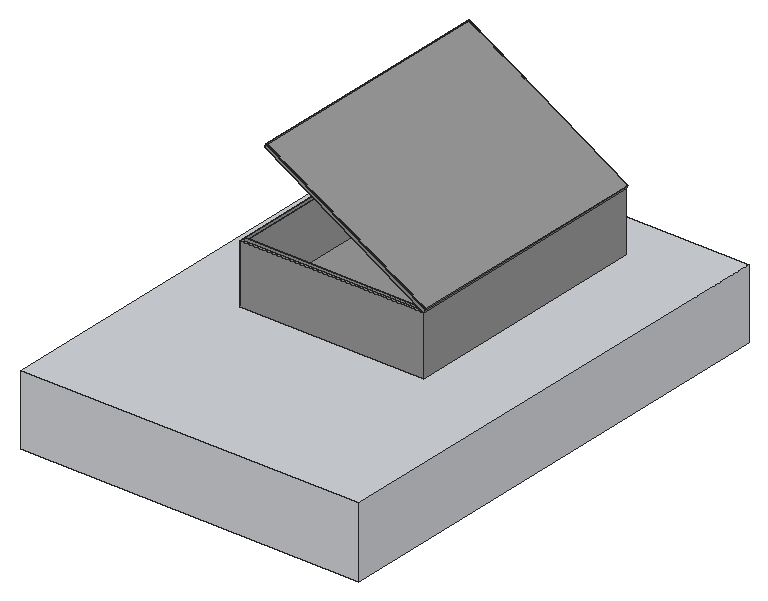
Revit family "Hager-Univers-IP55-D275-H1100-Cl.II-Steel_encl-BE-fr", category Equipement électrique, Revit 2020
Family settings
  Hôte = Face
  Configuration du panneau = Deux colonnes, circuits au sein
  Cote de connecteur circulaire = Utiliser le diamètre
  Type d'élément = Tableau de raccordement
  Couper avec des vides une fois chargée = Non
  Partagée = Non
  Point de calcul de pièce = Non
Parameters (values of type "saillie IP55 L800 H1100 P275  - FR73S")
  Width Control [instance] = if([EF000008 - largeur] > Min Width, [EF000008 - largeur], Min Width)  # 800 mm
  Commentaires du type = [HG000003 - Gamme]  # "Univers"
  Thickness Door [instance] = if([EF009171 - épaisseur de matériau de la porte/du couvercle] > 3 mm, 3 mm, [EF009171 - épaisseur de matériau de la porte/du couvercle])  # 1.5 mm
  Seal Frame Offset [instance] = 17 mm  # constant formula
  Plinth Visibility [instance] = [HG000027 - Hauteur du socle] > 0 mm  # no
  Model = ""
  Min Width [instance] = 100 mm  # constant formula
  Min Height [instance] = 100 mm  # constant formula
  Min Depth [instance] = (2 * [EF009170 - épaisseur de matériau du boîtier]) + 1 mm  # 4 mm
  Internal Frame Depth [instance] = (Door System Depth * 0.5)  # 9 mm
  Height Control [instance] = if([EF000040 - hauteur] > Min Height, [EF000040 - hauteur], Min Height)  # 1100 mm
  HG000027 - Hauteur du socle = 0 mm
  HG000026 - Installation au sol = no
  HG000024 - Hauteur de la section basse = 800 mm
  HG000023 - Armoire double section = no
  HG000016 - Visibilité de la porte 3D [instance] = yes
  HG000015 - Visibilité de l'emprise de la porte [instance] = no
  HG000014 - Porte à droite [instance] = yes
  HG000013 - Porte à gauche [instance] = not([HG000014 - Porte à droite])  # no
  HG000012 - Angle de pivotement de la porte [instance] = 30.00°
  HG000010 - Portes asymétriques = no
  HG000009 - Porte à double battant = no
  HG000006 - Encastré = no
  HG000004 - Référence fabricant = "FR73S"
  HG000003 - Gamme = "Univers"
  HG000002 - avec porte = yes
  Frame Offset Bottom [instance] = 10 mm  # constant formula
  Frame Offset [instance] = 15 mm  # constant formula
  EF015940 - couvercle avec décharge de pression = no
  EF011959 - degré de protection (NEMA) = ""
  EF009554 - nombre d'ouvertures pour plaques à bride = 6
  Fabricant = "Hager"  # constant formula
  EF009212 - finition du couvercle = "EV000116 - fermé"
  EF009171 - épaisseur de matériau de la porte/du couvercle = 1.5 mm
  EF009170 - épaisseur de matériau du boîtier = 1.5 mm
  EF008873 - courant nominal (In) = 800 A
  EF007800 - adapté à un parafoudre = no
  EF006306 - avec serrure = no
  EF006244 - couvercle/porte transparent(e) = no
  EF005474 - indice de protection (IP) = "EV006420 - IP55"
  EF004464 - type de porte = "EV002646 - unique"
  EF004427 - nombre de modules = 252
  EF004293 - indice de protection contre les chocs (IK) = "EV008784 - IK10"
  EF003532 - convient pour utilisation à l’extérieur = no
  EF002950 - largeur en nombre de modules = 24
  EF001613 - maintien de fonction = "EV000494 - sans"
  EF001596 - matériau du boîtier/corps = "EV000179 - acier"
  EF001131 - profondeur intérieure = 275 mm
  EF001088 - possibilité de montage en saillie = yes
  EF000437 - nombre d'entrées de conduit = 6
  EF000339 - type de capot = "EV004216 - porte"
  EF000266 - nombre de rangées = 7
  EF000218 - profondeur d'encastrement = 0 mm
  EF000118 - avec cadre/support de montage = no
  EF000116 - numéro RAL = "7035"
  EF000049 - profondeur = 275 mm
  EF000040 - hauteur = 1100 mm
  EF000008 - largeur = 800 mm
  EF000007 - couleur = "EV000270 - gris"
  EF000003 - mode de pose = "EV000384 - saillie"
  Door System Leaf Tolerance [instance] = 1.5 mm  # constant formula
  Door System Depth [instance] = 18 mm  # constant formula
  Door Height [instance] = Height Control - [HG000027 - Hauteur du socle]  # 1100 mm
  Depth Control [instance] = if([EF000049 - profondeur] > Min Depth, [EF000049 - profondeur], Min Depth)  # 275 mm
  Default Elevation = 0 mm
  Connector Offset [instance] = Height Control / 2  # 550 mm
  Bottom Top Plate Trim [instance] = 1.5 mm  # constant formula
  Plinth height Ctrl [instance] = if([HG000027 - Hauteur du socle] > 0 mm, [HG000027 - Hauteur du socle], 12 mm)  # 12 mm
Types (5, lengths in mm): name | Width Control | HG000010 - Portes asymétriques | HG000009 - Porte à double battant | HG000004 - Référence fabricant | EF009554 - nombre d'ouvertures pour plaques à bride | EF004464 - type de porte | EF004427 - nombre de modules | EF000437 - nombre d'entrées de conduit | EF000008 - largeur
  saillie IP55 L1050 H1100 P275  - FR74S | 1050 | no | yes | "FR74S" | 8 | "EV003602 - double" | 336 | 8 | 1050
  saillie IP55 L1300 H1100 P275  - FR75S | 1300 | yes | yes | "FR75S" | 10 | "EV003602 - double" | 420 | 10 | 1300
  saillie IP55 L300 H1100 P275  - FR71S | 300 | no | no | "FR71S" | 2 | "EV002646 - unique" | 84 | 2 | 300
  saillie IP55 L550 H1100 P275  - FR72S | 550 | no | no | "FR72S" | 4 | "EV002646 - unique" | 168 | 4 | 550
  saillie IP55 L800 H1100 P275  - FR73S | 800 | no | no | "FR73S" | 6 | "EV002646 - unique" | 252 | 6 | 800
Reference planes
  plane 1 "Center (Front/Back)": y = 0
  plane 2: z = 0
  plane 3 "Center (Left/Right)": x = 0
  plane 4: z = 275
  plane 5: y = 1.5
  plane 6: y = 550
  plane 7: y = 0
  plane 8: y = 1100
  plane 9: z = 0
  plane 10: x = -385
  plane 11: x = 385
  plane 12: x = 383.5
  plane 13: x = -383.5
  plane 14: y = 1098.5
  plane 15: x = -383
  plane 16: x = -400
  plane 17: x = 383
  plane 18: x = 400
  plane 19: x = 398.5
  plane 20: x = -398.5
  plane 21: y = 11.5
  plane 22: y = 1100
  plane 23: y = 1083.5
  plane 24: z = 257
  plane 25: z = 1.5
  plane 26: z = 255.5
  plane 27: z = 273.5
Forms (mm)
  Extrusion 1, solid
    sketch origin (0, 0, 0) x (1, 0, 0) y (0, 1, 0)
      loop
        line (-702.964, 1305) -> (-702.964, -811.445) -> (766.763, -811.445) -> (766.763, 1305) -> (-702.964, 1305)
    from 0 to -304.8
  Extrusion 2, solid, material "Hager_Steel_RAL7035_Light_Grey", visible <- "Plinth Visibility", detail levels medium+fine
    sketch origin (0, 0, 0) x (1, 0, 0) y (0, 1, 0)
      loop
        line (-400, 0) -> (400, 0) -> (400, 12) -> (-400, 12) -> (-400, 0)
    from 0 to 257
  Extrusion 3, solid, material "Hager_Steel_RAL7035_Light_Grey", detail levels medium+fine
    sketch origin (0, 0, 0) x (1, 0, 0) y (0, 1, 0)
      loop
        line (-400, 0) -> (400, 0) -> (400, 1100) -> (-400, 1100) -> (-400, 0)
    from 0 to 257
  Extrusion 4, void
    sketch origin (0, 0, 0) x (1, 0, 0) y (0, 1, 0)
      loop
        line (-398.5, 1.5) -> (398.5, 1.5) -> (398.5, 1098.5) -> (-398.5, 1098.5) -> (-398.5, 1.5)
    from 1.5 to 255.5
  Extrusion 5, void
    sketch origin (-381.607, -4572, 257) x (0, -1, 0) y (-1, 0, 0)
      loop
        line (-4583.5, 1.893) -> (-5655.5, 1.893) -> (-5655.5, -765.107) -> (-4583.5, -765.107) -> (-4583.5, 1.893)
    from 0 to 1.5 <- "EF009170 - épaisseur de matériau du boîtier"
  Extrusion 6, solid, material "Hager_Steel_RAL7035_Light_Grey", detail levels fine
    sketch origin (0, 0, 257) x (1, 0, 0) y (0, 1, 0)
      loop
        line (-383.5, 1083.5) -> (-383.5, 11.5) -> (383.5, 11.5) -> (383.5, 1083.5) -> (-383.5, 1083.5)
      loop
        line (-385, 10) -> (385, 10) -> (385, 1085) -> (-385, 1085) -> (-385, 10)
    from 0 to 9 <- "Internal Frame Depth"
  Extrusion 7, solid, material "Hager_Steel_RAL7035_Light_Grey", detail levels coarse
    sketch origin (0, 0, 0) x (1, 0, 0) y (0, 1, 0)
      loop
        line (-400, 0) -> (400, 0) -> (400, 1100) -> (-400, 1100) -> (-400, 0)
    from 0 to 275
  Sweep 8, void
    path in 3D
      loop
        line (-400, 12, 0) -> (400, 12, 0) -> (400, 12, 257) -> (-400, 12, 257) -> (-400, 12, 0)
    profile origin (-400, 12, 128.5) x (-1, 0, 0) y (0, -1, 0)
      loop
        line (0, 0) -> (0, 1.5) -> (-1.5, 1.5)
        arc (-1.5, 1.5) -> (-1.061, 0.439) -> (0, 0) r 1.5
Cuts and joins
  Extrusion 4, Extrusion 5 cuts Extrusion 3
  Sweep 8 cuts Extrusion 2
Lines and regions (mm)
  Masking region 1
    outline origin (0, 0, 0) x (1, 0, 0) y (0, 0, 1)
      loop
        line (-400, 275) -> (-400, 0) -> (400, 0) -> (400, 275) -> (-400, 275)
  Masking region 2, detail levels medium+fine
    outline origin (0, 140, 0) x (0, 1, 0) y (0, 0, 1)
      loop
        line (-140, 0) -> (960, 0) -> (960, 257) -> (-140, 257) -> (-140, 0)
  Masking region 3, not visible, detail levels medium+fine
    outline origin (0, 297.922, 0) x (0, 1, 0) y (0, 0, 1)
      loop
        line (263.578, 0) -> (303.578, 0) -> (303.578, 263.5)
        arc (303.578, 263.5) -> (300.649, 270.571) -> (293.578, 273.5) r 10
        line (293.578, 273.5) -> (263.578, 273.5) -> (263.578, 0)
  Masking region 4, detail levels coarse
    outline origin (0, 0, 180) x (0, 1, 0) y (0, 0, 1)
      loop
        line (0, -180) -> (1100, -180) -> (1100, 95) -> (0, 95) -> (0, -180)
  Masking region 5, visible <- "Plinth Visibility", detail levels medium+fine
    outline origin (0, 52.24, 12.345) x (0, 0, -1) y (0, 1, 0)
      loop
        line (10.845, -40.24) -> (-243.155, -40.24)
        arc (-243.155, -40.24) -> (-243.594, -41.301) -> (-244.655, -41.74) r 1.5
        line (-244.655, -41.74) -> (-244.655, -52.24) -> (12.345, -52.24) -> (12.345, -41.74)
        arc (12.345, -41.74) -> (11.285, -41.301) -> (10.845, -40.24) r 1.5
  Masking region 6, detail levels medium+fine
    outline origin (-381.607, -4572, 257) x (-1, 0, 0) y (0, -1, 0)
      loop
        line (18.393, -5672) -> (18.393, -4572) -> (-781.607, -4572) -> (-781.607, -5672) -> (18.393, -5672)
  Masking region 7, visible <- "Plinth Visibility", detail levels medium+fine
    outline origin (-381.607, -4727, 257) x (-1, 0, 0) y (0, -1, 0)
      loop
        arc (16.893, -4739) -> (17.332, -4737.939) -> (18.393, -4737.5) r 1.5
        line (18.393, -4737.5) -> (18.393, -4727) -> (-781.607, -4727) -> (-781.607, -4737.5)
        arc (-781.607, -4737.5) -> (-780.546, -4737.939) -> (-780.107, -4739) r 1.5
        line (-780.107, -4739) -> (16.893, -4739)
  Masking region 8, detail levels coarse
    outline origin (-442.548, -4669.526, 257) x (-1, 0, 0) y (0, -1, 0)
      loop
        line (-42.548, -5769.526) -> (-42.548, -4669.526) -> (-842.548, -4669.526) -> (-842.548, -5769.526) -> (-42.548, -5769.526)
  sketch lines
    curve 1: line (-400, 12, 257) -> (-400, 12, 0)
    curve 2: line (400, 12, 257) -> (-400, 12, 257)
    curve 3: line (400, 12, 257) -> (400, 12, 0)
    curve 4: line (-400, 12, 0) -> (400, 12, 0)
Dimensions and locks
  "Depth Control": plane 4 to Extrusion 1
  "HG000027 - Hauteur du socle": plane 1 "Center (Front/Back)" to plane 7
  "EF009170 - épaisseur de matériau du boîtier": plane 5 to plane 7
  locked: connector elem to plane 3 "Center (Left/Right)"
  equal spacing: plane 8, plane 6, plane 7
  locked: connector elem to plane 6
  "EF009170 - épaisseur de matériau du boîtier": plane 8 to plane 14
  "EF009170 - épaisseur de matériau du boîtier": plane 10 to plane 13
  "EF009170 - épaisseur de matériau du boîtier": plane 12 to plane 11
  "Frame Offset": plane 20 to plane 13
  "Frame Offset": plane 12 to plane 19
  "EF009170 - épaisseur de matériau du boîtier": plane 16 to plane 20
  "EF009170 - épaisseur de matériau du boîtier": plane 19 to plane 18
  "Seal Frame Offset": plane 16 to plane 15
  "Seal Frame Offset": plane 17 to plane 18
  "Frame Offset Bottom": plane 21 to plane 5
  "Frame Offset": plane 14 to plane 23
  equal spacing: plane 16, plane 3 "Center (Left/Right)", plane 18
  "Width Control": plane 16 to plane 18
  "EF009170 - épaisseur de matériau du boîtier": plane 4 to plane 27
  "EF009170 - épaisseur de matériau du boîtier": plane 24 to plane 26
  "EF009170 - épaisseur de matériau du boîtier": plane 25 to level
  "Door System Depth": plane 4 to plane 24
  "Height Control": plane 1 "Center (Front/Back)" to Extrusion 7 sketch curve
  "Height Control": Masking region 4 sketch curve to plane 1 "Center (Front/Back)"
  "Height Control": plane 1 "Center (Front/Back)" to plane 22
  "Bottom Top Plate Trim": profile plane to Sweep 8 sketch curve
  "Bottom Top Plate Trim": Sweep 8 sketch curve to profile plane
  "Plinth height Ctrl": plane 1 "Center (Front/Back)" to Extrusion 2 sketch curve
  "Plinth height Ctrl": Masking region 5 sketch curve to plane 1 "Center (Front/Back)"
  "Plinth height Ctrl": plane 1 "Center (Front/Back)" to Masking region 7 sketch curve
  "Thickness Door": Extrusion 6 sketch curve to Extrusion 6 sketch curve  (x3)
  "Thickness Door": cut or joined group of Extrusion 3, Extrusion 4, Extrusion 5 to Extrusion 6 sketch curve
  radius of Masking region 3 sketch curve = 10 mm
  "Bottom Top Plate Trim": radius of Masking region 5 sketch curve  (x2)
  "Bottom Top Plate Trim": radius of Sweep 8 sketch curve
  "Bottom Top Plate Trim": radius of Masking region 7 sketch curve  (x2)
  aligned and locked: plane 2 to Extrusion 1
  aligned and locked: level to Extrusion 1
  aligned and locked: level to Masking region 1 sketch curve
  aligned and locked: Masking region 1 sketch curve to plane 18
  aligned and locked: Masking region 1 sketch curve to plane 16
  aligned and locked: plane 7 to Masking region 2 sketch curve
  aligned and locked: level to Masking region 3 sketch curve
  aligned and locked: Masking region 3 sketch curve to plane 27
  aligned and locked: level to Masking region 2 sketch curve
  aligned and locked: plane 1 "Center (Front/Back)" to Extrusion 2 sketch curve
  aligned and locked: Extrusion 3 sketch curve to plane 7
  aligned and locked: plane 16 to Extrusion 3 sketch curve
  aligned and locked: plane 18 to Extrusion 3 sketch curve
  aligned and locked: plane 20 to Extrusion 4 sketch curve
  aligned and locked: plane 19 to Extrusion 4 sketch curve
  aligned and locked: Extrusion 4 sketch curve to plane 5
  aligned and locked: Extrusion 4 to plane 25
  aligned and locked: plane 26 to Extrusion 4
  aligned and locked: plane 24 to Extrusion 3
  aligned and locked: Extrusion 5 sketch curve to plane 21
  aligned and locked: Extrusion 5 sketch curve to plane 13
  aligned and locked: Extrusion 5 sketch curve to plane 12
  aligned and locked: plane 18 to Extrusion 7 sketch curve
  aligned and locked: plane 1 "Center (Front/Back)" to Extrusion 7 sketch curve
  aligned and locked: plane 16 to Extrusion 7 sketch curve
  aligned and locked: plane 4 to Extrusion 7
  aligned and locked: Extrusion 7 to level
  aligned and locked: level to Masking region 4 sketch curve
  aligned and locked: Masking region 4 sketch curve to plane 1 "Center (Front/Back)"
  aligned and locked: Masking region 4 sketch curve to plane 4
  aligned and locked: nested 1 to level
  aligned and locked: nested 1 to plane 16
  aligned and locked: plane 8 to Extrusion 3 sketch curve
  aligned and locked: plane 23 to Extrusion 5 sketch curve
  aligned and locked: plane 14 to Extrusion 4 sketch curve
  aligned and locked: Masking region 2 sketch curve to plane 8
  aligned and locked: level to Masking region 5 sketch curve
  aligned and locked: plane 16 to Extrusion 2 sketch curve
  aligned and locked: plane 18 to Extrusion 2 sketch curve
  aligned and locked: Masking region 5 sketch curve to plane 24
  aligned and locked: Masking region 2 sketch curve to plane 24
  aligned and locked: plane 24 to Extrusion 2
  aligned and locked: profile plane to Sweep 8 sketch curve  (x2)
  aligned and locked: Masking region 6 sketch curve to plane 18
  aligned and locked: Masking region 6 sketch curve to plane 22
  aligned and locked: Masking region 6 sketch curve to plane 16
  aligned and locked: plane 8 to plane 22
  aligned and locked: Masking region 6 sketch curve to plane 7
  aligned and locked: Masking region 7 sketch curve to plane 16
  aligned and locked: Masking region 7 sketch curve to plane 1 "Center (Front/Back)"
  aligned and locked: Masking region 7 sketch curve to plane 18
  aligned and locked: Masking region 8 sketch curve to plane 1 "Center (Front/Back)"
  aligned and locked: Masking region 8 sketch curve to plane 18
  aligned and locked: Masking region 8 sketch curve to plane 22
  aligned and locked: Masking region 8 sketch curve to plane 16
  aligned and locked: nested 2 to plane 7
  aligned and locked: plane 3 "Center (Left/Right)" to nested 2
  aligned and locked: nested 2 to plane 24
  aligned and locked: Extrusion 6 sketch curve to cut or joined group of Extrusion 3, Extrusion 4, Extrusion 5  (x4)
Automatic sketch dimensions
  Extrusion 1 sketch curve to Extrusion 1 sketch curve = 1469.727 mm
  Extrusion 1 sketch curve to Extrusion 1 sketch curve = 2116.445 mm
  Masking region 1 sketch curve to plane 4 = 0 mm
  plane 6 to Masking region 3 sketch curve = 11.5 mm
  Masking region 3 sketch curve to Masking region 3 sketch curve = 30 mm
  Masking region 5 sketch curve to plane 1 "Center (Front/Back)" = 0 mm
Nested families
  nested 1: "Hager_Enclosure_Symbol" at (-400, 0, 0) x (1, 0, 0) z (0, -1, 0), Height <- "Depth Control", Width <- "Width Control", type "Hager_Enclosure_Symbol"
    with Width_Ctrl 800 mm, Width 800 mm, Height_Ctrl 275 mm, Height 275 mm, A_Width_Int 18.047 mm, A_Width 216.562 mm, A_Height_Ctrl 240.625 mm, A_Height 240.625 mm
  nested 2: "EC000058_Univers_Door" at (0, 0, 257) x (1, 0, 0) z (0, 1, 0), Leaf_Tolerance <- "Door System Leaf Tolerance", Angle <- "HG000012 - Angle de pivotement de la porte", Door_Depth <- "Door System Depth", Door_Left <- "HG000013 - Porte à gauche", Transparent <- "EF006244 - couvercle/porte transparent(e)", Assymetrical <- "HG000010 - Portes asymétriques", Width <- "Width Control", Clearance <- "HG000015 - Visibilité de l'emprise de la porte", Double <- "HG000009 - Porte à double battant", 3d_Door <- "HG000016 - Visibilité de la porte 3D", Lock_Visibility <- "EF006306 - avec serrure", Width_Ctrl <- "Width Control", Door_Right <- "HG000014 - Porte à droite", Door <- "HG000002 - avec porte", Height <- "Door Height", Thickness <- "Thickness Door", type "EC000058_Univers_Door", detail levels medium+fine
    with min_wh 4 mm, Width_Ctrl 800 mm, Width 800 mm, Transparent no, Thickness 1.5 mm, Seal_Material Hager_Rubber, Lock_Visibility no, Lock_Material Hager_Plastic_RAL9005_Jet_Black, Leaf_Width 800 mm, Leaf_Tolerance_External_Sides 0 mm, Leaf_Tolerance 1.5 mm, Leaf_Offset 0 mm, Leaf_Height 1097 mm, Leaf_2_Width 800 mm, Leaf_2_Offset 400 mm, Leaf_1_Width 800 mm, Leaf_1_Offset 400 mm, Height_Ctrl 1100 mm, Height 1100 mm, Glass_Material Hager_Glass, Double_Clearance_Ctrl no, Double no, Door_Right_Ctrl yes, Door_Right yes, Door_Material Hager_Steel_RAL7035_Light_Grey, Door_Left_Ctrl no, Door_Left no, Door_Depth 18 mm, Door yes, Clearance_Material Hager_Clearance, Clearance_Depth 800 mm, Clearance_Ctrl no, Clearance no, Assymetrical no, Angle 30.00°, 3d_Door yes
Connectors
  electrical at (0, 550, 0)
    settings: on plane 9, index 1, voltage 0 V, apparent load 0 VA, apparent load phase1 0 VA, apparent load phase2 0 VA, apparent load phase3 0 VA, power factor 1, load classification "Other", number of poles 1, system type 30, power factor state 1, is connector primary yes, connector utility no, sub classification motor no, connector description ""
Definition of nested family "EC000058_Univers_Door"
  Parameters (values of type "EC000058_Univers_Door")
    min_wh [instance] = (2 * Thickness) + 1 mm  # 11 mm
    Width_Ctrl [instance] = 400 mm
    Width [instance] = 500 mm
    Transparent [instance] = yes
    Thickness [instance] = 5 mm
    Seal_Material [instance] = none
    Lock_Visibility [instance] = yes
    Lock_Material [instance] = none
    Leaf_Width [instance] = if((Width_Ctrl - 2 * Leaf_Tolerance_External_Sides) > 0 mm, (Width_Ctrl - 2 * Leaf_Tolerance_External_Sides), min_wh)  # 400 mm
    Leaf_Tolerance_External_Sides [instance] = 0 mm  # constant formula
    Leaf_Tolerance [instance] = 1.5 mm
    Leaf_Offset [instance] = 0 mm  # constant formula
    Leaf_Height [instance] = if((Height_Ctrl - 2 * Leaf_Tolerance) > 0 mm, (Height_Ctrl - 2 * Leaf_Tolerance), min_wh)  # 497 mm
    Leaf_2_Width [instance] = if(and(and(Double, Assymetrical), Door_Left), (Leaf_Width / 3) - (Leaf_Tolerance / 2), if(and(and(Double, Assymetrical), Door_Right), (Leaf_Width / 3) * 2 - (Leaf_Tolerance / 2), if(and(Double, not(Assymetrical)), (Leaf_Width / 2) - Leaf_Tolerance, Leaf_Width)))  # 400 mm
    Leaf_2_Offset [instance] = if(and(Double, Assymetrical), Leaf_2_Width / 2, if(and(Double, not(Assymetrical)), Leaf_Width / 4, Leaf_Width / 2))  # 200 mm
    Leaf_1_Width [instance] = if(and(and(Double, Assymetrical), Door_Right), (Leaf_Width / 3) - (Leaf_Tolerance / 2), if(and(and(Double, Assymetrical), Door_Left), (Width / 3) * 2 - (Leaf_Tolerance / 2), if(and(Double, not(Assymetrical)), (Leaf_Width / 2) - Leaf_Tolerance, Leaf_Width)))  # 400 mm
    Leaf_1_Offset [instance] = if(and(Double, Assymetrical), Leaf_1_Width / 2, if(and(Double, not(Assymetrical)), Leaf_Width / 4, Leaf_Width / 2))  # 200 mm
    Height_Ctrl [instance] = if(Height > min_wh, Height, min_wh)  # 500 mm
    Height [instance] = 500 mm
    Glass_Material [instance] = none
    Double_Clearance_Ctrl [instance] = and(Double, Clearance)  # no
    Double [instance] = no
    Door_Right_Ctrl [instance] = and(or(Door_Right, Double), Door)  # yes
    Door_Right [instance] = yes
    Door_Material [instance] = none
    Door_Left_Ctrl [instance] = and(or(Door_Left, Double), Door)  # no
    Door_Left [instance] = no
    Door_Depth [instance] = 30 mm
    Door [instance] = yes
    Default Elevation = 1219.2 mm
    Clearance_Material [instance] = none
    Clearance_Depth [instance] = if(Leaf_1_Width > Leaf_2_Width, Leaf_1_Width, Leaf_2_Width)  # 400 mm
    Clearance_Ctrl [instance] = and(not(Double), Clearance)  # yes
    Clearance [instance] = yes
    Assymetrical [instance] = yes
    Angle [instance] = 30.00°
    3d_Door [instance] = yes
  Reference planes
    plane 1 "Center (Front/Back)": y = 0
    plane 2 "Bottom": z = 0
    plane 3 "Center (Left/Right)": x = 0
    plane 4: z = 500
    plane 5: x = -200
    plane 6: x = 200
    plane 7: z = 500
    plane 8: x = -200
    plane 9: z = 0
    plane 10: x = 200
    plane 11: y = 0
    plane 12: z = 1.5
    plane 13: x = -600
    plane 14: y = -400
    plane 15: x = 600
    plane 16: x = 0
    plane 17: x = 0
    plane 18: x = -200
    plane 19: x = 200
    plane 20: z = 498.5
  Forms (mm)
    Extrusion 1, solid, material <- "Clearance_Material", visible <- "Double_Clearance_Ctrl"
      sketch origin (1200, 0, 0) x (1, 0, 0) y (0, 0, -1)
        loop
          line (-1800, -498.5) -> (-600, -498.5) -> (-600, 0) -> (-1800, 0) -> (-1800, -498.5)
      from 0 to -400
  Dimensions and locks
    equal spacing: plane 5, plane 3 "Center (Left/Right)", plane 6
    "Width_Ctrl": plane 5 to plane 6
    "Leaf_Offset": plane 5 to plane 8
    "Leaf_Offset": plane 6 to plane 10
    "Leaf_Offset": plane 9 to level
    "Leaf_Offset": plane 4 to plane 7
    "Height_Ctrl": plane 4 to level
    "Leaf_Tolerance": plane 12 to plane 9
    locked: plane 11 to plane 1 "Center (Front/Back)"
    "Leaf_1_Offset": plane 18 to plane 16
    "Leaf_2_Offset": plane 17 to plane 19
    "Leaf_1_Width": plane 13 to plane 8
    "Leaf_2_Width": plane 10 to plane 15
    "Clearance_Depth": plane 14 to plane 1 "Center (Front/Back)"
    "Leaf_Tolerance_External_Sides": plane 8 to plane 18
    "Leaf_Tolerance_External_Sides": plane 19 to plane 10
    "Leaf_Tolerance": plane 7 to plane 20
    aligned and locked: level to plane 2 "Bottom"
    aligned and locked: nested 1 to plane 16
    aligned and locked: nested 2 to plane 17
    aligned and locked: Extrusion 1 to plane 13
    aligned and locked: plane 15 to Extrusion 1
    aligned and locked: Extrusion 1 to plane 14
    aligned and locked: plane 12 to nested 1
    aligned and locked: nested 2 to plane 12
    aligned and locked: Extrusion 1 to plane 11
    aligned and locked: plane 20 to Extrusion 1
    aligned and locked: nested 2 to plane 11
    aligned and locked: nested 1 to plane 11
  Automatic sketch dimensions
    Extrusion 1 sketch curve to level = 0 mm
    plane 5 to Extrusion 1 sketch curve = 400 mm
    plane 6 to Extrusion 1 sketch curve = 400 mm
    Extrusion 1 sketch curve to plane 4 = 1.5 mm
  Nested families
    nested 1: "EC000058_Univers_Door_Leaf" at (0, 0, 1.5), Width <- "Leaf_1_Width", visible <- "Door_Left_Ctrl", Leaf_Height <- "Leaf_Height", Angle <- "Angle", 3d_Door <- "3d_Door", Transparent <- "Transparent", Clearance Material <- "Clearance_Material", Clearance <- "Clearance_Ctrl", Door_Material <- "Door_Material", Glass_Material <- "Glass_Material", Door_Depth <- "Door_Depth", Lock_Material <- "Lock_Material", Seal_Material <- "Seal_Material", Lock_Visibility <- "Lock_Visibility", Thickness <- "Thickness", type "EC000058_Univers_Door_Leaf"
      with Width 400 mm, Transparent_Glass_Offset 30 mm, Transparent_Ctrl yes, Transparent yes, Thickness 5 mm, Standard no, Seal_Material none, Seal_D2 8 mm, Seal_D1 1 mm, Offset_Internal_Frame 10 mm, Lock_Width 20 mm, Lock_Visibility_3d yes, Lock_Visibility yes, Lock_Thickness_3 3 mm, Lock_Thickness_2 1 mm, Lock_Thickness_1 3 mm, Lock_Radius_Offset_2 16 mm, Lock_Radius_Offset_1 15 mm, Lock_Radius_2 5 mm, Lock_Radius 6 mm, Lock_Offset 5 mm, Lock_Material none, Lock_Height 80 mm, Lock_Cover_Top_Offset_2d 17 mm, Lock_Cover_Height -65 mm, Leaf_Height 497 mm, Internal_Seal_Thickness 8 mm, Internal_Seal_Depth_2 4.5 mm, Internal_Frame_Depth 25 mm, Glass_Thickness -1 mm, Glass_Offset -2 mm, Glass_Material none, Door_Material none, Door_Depth 30 mm, Clearance Material none, Clearance yes, Angle_Ctrl 30.00°, Angle 30.00°, 3d_Door yes
    nested 2: "EC000058_Univers_Door_Leaf" at (0, 0, 1.5) x (-1, 0, 0) z (0, 0, 1), Width <- "Leaf_2_Width", visible <- "Door_Right_Ctrl", Leaf_Height <- "Leaf_Height", Angle <- "Angle", 3d_Door <- "3d_Door", Transparent <- "Transparent", Clearance Material <- "Clearance_Material", Clearance <- "Clearance_Ctrl", Door_Material <- "Door_Material", Glass_Material <- "Glass_Material", Door_Depth <- "Door_Depth", Lock_Material <- "Lock_Material", Seal_Material <- "Seal_Material", Lock_Visibility <- "Lock_Visibility", Thickness <- "Thickness", type "EC000058_Univers_Door_Leaf"
      with Width 400 mm, Transparent_Glass_Offset 30 mm, Transparent_Ctrl yes, Transparent yes, Thickness 5 mm, Standard no, Seal_Material none, Seal_D2 8 mm, Seal_D1 1 mm, Offset_Internal_Frame 10 mm, Lock_Width 20 mm, Lock_Visibility_3d yes, Lock_Visibility yes, Lock_Thickness_3 3 mm, Lock_Thickness_2 1 mm, Lock_Thickness_1 3 mm, Lock_Radius_Offset_2 16 mm, Lock_Radius_Offset_1 15 mm, Lock_Radius_2 5 mm, Lock_Radius 6 mm, Lock_Offset 5 mm, Lock_Material none, Lock_Height 80 mm, Lock_Cover_Top_Offset_2d 17 mm, Lock_Cover_Height -65 mm, Leaf_Height 497 mm, Internal_Seal_Thickness 8 mm, Internal_Seal_Depth_2 4.5 mm, Internal_Frame_Depth 25 mm, Glass_Thickness -1 mm, Glass_Offset -2 mm, Glass_Material none, Door_Material none, Door_Depth 30 mm, Clearance Material none, Clearance yes, Angle_Ctrl 30.00°, Angle 30.00°, 3d_Door yes
  Definition of nested family "EC000058_Univers_Door_Leaf"
    Parameters (values of type "EC000058_Univers_Door_Leaf")
      Width [instance] = 2000 mm
      Transparent_Glass_Offset [instance] = 30 mm
      Transparent_Ctrl [instance] = and(Transparent, [3d_Door])  # yes
      Transparent [instance] = yes
      Thickness [instance] = 5 mm
      Standard [instance] = and(not(Transparent), [3d_Door])  # no
      Seal_Material [instance] = none
      Seal_D2 [instance] = 8 mm  # constant formula
      Seal_D1 [instance] = 1 mm  # constant formula
      Offset_Internal_Frame [instance] = 10 mm  # constant formula
      Lock_Width [instance] = 20 mm  # constant formula
      Lock_Visibility_3d [instance] = and(Lock_Visibility, [3d_Door])  # yes
      Lock_Visibility [instance] = yes
      Lock_Thickness_3 [instance] = 3 mm  # constant formula
      Lock_Thickness_2 [instance] = 1 mm  # constant formula
      Lock_Thickness_1 [instance] = 3 mm  # constant formula
      Lock_Radius_Offset_2 [instance] = Lock_Radius_Offset_1 + 1 mm  # 16 mm
      Lock_Radius_Offset_1 [instance] = 15 mm  # constant formula
      Lock_Radius_2 [instance] = Lock_Radius - 1 mm  # 5 mm
      Lock_Radius [instance] = 6 mm  # constant formula
      Lock_Offset [instance] = 5 mm  # constant formula
      Lock_Material [instance] = none
      Lock_Height [instance] = 80 mm  # constant formula
      Lock_Cover_Top_Offset_2d [instance] = Lock_Radius_Offset_2 + 1 mm  # 17 mm
      Lock_Cover_Height [instance] = -(Lock_Height - Lock_Radius_Offset_1)  # -65 mm
      Leaf_Height [instance] = 2720.336 mm
      Internal_Seal_Thickness [instance] = 8 mm  # constant formula
      Internal_Seal_Depth_2 [instance] = 4.5 mm  # constant formula
      Internal_Frame_Depth [instance] = if(Door_Depth - Thickness > 5 mm, Door_Depth - Thickness, 5 mm)  # 25 mm
      Glass_Thickness [instance] = if(Thickness > 15 mm, Glass_Offset + 10 mm, -1 mm)  # -1 mm
      Glass_Offset [instance] = if(Thickness > 15 mm, -(Thickness + 10 mm) / 2, -2 mm)  # -2 mm
      Glass_Material [instance] = none
      Door_Material [instance] = none
      Door_Depth [instance] = 30 mm
      Default Elevation = 0 mm
      Clearance Material [instance] = none
      Clearance [instance] = yes
      Angle_Ctrl [instance] = if(Angle > 180.00°, 180.00°, Angle)  # 90.00°
      Angle [instance] = 90.00°
      3d_Door [instance] = yes
    Reference planes
      plane 1 "Center (Front/Back)": y = 0
      plane 2: z = 0
      plane 3 "Center (Left/Right)": x = 0
      plane 4: y = 2000
      plane 5: x = -1000
      plane 6: x = 1000
      plane 7: x = -3000
      plane 8: z = 2720.336
      plane 9: z = 30
      plane 10: z = 2690.336
      plane 11: x = 970
      plane 12: x = -970
      plane 13: y = -3
      plane 14: z = 107.833
      plane 15: y = -5
      plane 16: y = -223.314
      plane 17: x = -1000
      plane 18: z = 1360.168
      plane 19: y = 30
    Forms (mm)
      Extrusion 1, solid, material <- "Clearance Material", visible <- "Clearance"
        sketch origin (0, 0, 0) x (1, 0, 0) y (0, 0, 1)
          loop
            line (-3000, 2720.336) -> (-3000, 0) -> (1000, 0) -> (1000, 2720.336) -> (-3000, 2720.336)
        from 0 to -2000
      Extrusion 2, solid, material <- "Door_Material", visible <- "Standard", detail levels medium+fine
        sketch origin (-1000, 0, 0) x (0, 1, 0) y (-1, 0, 0)
          loop
            line (0, 30) -> (0, 25) -> (2000, 25) -> (2000, 30) -> (0, 30)
        from 0 to 2720.336 <- "Leaf_Height"
      Extrusion 3, solid, material <- "Door_Material", visible <- "Transparent_Ctrl", detail levels medium+fine
        sketch origin (-1000, 0, 0) x (0, 1, 0) y (-1, 0, 0)
          loop
            line (0, 25) -> (2000, 25) -> (2000, 30) -> (0, 30) -> (0, 25)
        from 0 to 2720.336 <- "Leaf_Height"
      Extrusion 4, void
        sketch origin (-1025, 2000, 0) x (0, 1, 0) y (0, 0, -1)
          loop
            line (-30, -2690.336) -> (-30, -30) -> (-1970, -30) -> (-1970, -2690.336) -> (-30, -2690.336)
        from 0 to 5 <- "Thickness"
      Sweep 5, solid, material <- "Seal_Material", visible <- "Transparent_Ctrl", detail levels fine
        path in 3D
          loop
            line (-1025, 30, 30) -> (-1025, 30, 2690.336) -> (-1025, 1970, 2690.336) -> (-1025, 1970, 30) -> (-1025, 30, 30)
        profile origin (-1025, 1000, 30) x (1, 0, 0) y (0, 0, 1)
          loop
            line (0, 0) -> (0, -8) -> (1, -8) -> (1, 0) -> (0, 0)
      Extrusion 6, solid, material <- "Glass_Material", visible <- "Transparent_Ctrl", detail levels medium+fine
        sketch origin (-1030, 0, 0) x (0, 1, 0) y (0, 0, -1)
          loop
            line (1970, -2690.336) -> (1970, -30) -> (30, -30) -> (30, -2690.336) -> (1970, -2690.336)
        from -2 <- "Glass_Offset" to -1 <- "Glass_Thickness"
      Extrusion 7, solid, material <- "Door_Material", visible <- "3d_Door", detail levels medium+fine
        sketch origin (-1025, 2000, 0) x (0, -1, 0) y (0, 0, -1)
          loop
            line (0, -2720.336) -> (2000, -2720.336) -> (2000, 0) -> (0, 0) -> (0, -2720.336)
          loop
            line (1995, -5) -> (5, -5) -> (5, -2715.336) -> (1995, -2715.336) -> (1995, -5)
        from 0 to 25 <- "Internal_Frame_Depth"
      Sweep 8, solid, material <- "Seal_Material", visible <- "Transparent_Ctrl", detail levels fine
        path in 3D
          loop
            line (-1025, 0, 0) -> (-1025, 2000, 0) -> (-1025, 2000, 2720.336) -> (-1025, 0, 2720.336) -> (-1025, 0, 0)
        profile origin (-1025, 0, 1360.168) x (1, 0, 0) y (0, 1, 0)
          loop
            line (0, 10) -> (2.975, 10)
            arc (2.975, 10) -> (4.053, 10.447) -> (4.5, 11.525) r 1.525
            line (4.5, 11.525) -> (4.5, 16.527)
            arc (4.5, 16.527) -> (4.069, 17.569) -> (3.027, 18) r 1.473
            line (3.027, 18) -> (0, 18) -> (0, 10)
      Extrusion 9, solid, material <- "Lock_Material", visible <- "Lock_Visibility_3d", detail levels fine
        sketch origin (-1030, 0, 0) x (0, 1, 0) y (0, 0, -1)
          loop
            arc (1993.5, -1400.168) -> (1994.561, -1399.729) -> (1995, -1398.668) r 1.5
            line (1995, -1398.668) -> (1995, -1320.168) -> (1975, -1320.168) -> (1975, -1398.668)
            arc (1975, -1398.668) -> (1975.439, -1399.729) -> (1976.5, -1400.168) r 1.5
            line (1976.5, -1400.168) -> (1993.5, -1400.168)
        from 3 <- "Lock_Thickness_1" to 0
      Blend 10, solid, material <- "Lock_Material", visible <- "Lock_Visibility_3d", detail levels fine
        base sketch origin (-1033, 0, 0) x (0, 1, 0) y (0, 0, -1)
          loop
            line (1975, -1320.168) -> (1975, -1398.668)
            arc (1975, -1398.668) -> (1975.439, -1399.729) -> (1976.5, -1400.168) r 1.5
            line (1976.5, -1400.168) -> (1993.5, -1400.168)
            arc (1993.5, -1400.168) -> (1994.561, -1399.729) -> (1995, -1398.668) r 1.5
            line (1995, -1398.668) -> (1995, -1320.168) -> (1975, -1320.168)
        top sketch origin (-1033, 0, 0) x (0, 1, 0) y (0, 0, -1)
          loop
            line (1976, -1320.168) -> (1976, -1398.668)
            arc (1976, -1398.668) -> (1976.146, -1399.022) -> (1976.5, -1399.168) r 0.5
            line (1976.5, -1399.168) -> (1993.5, -1399.168)
            arc (1993.5, -1399.168) -> (1993.854, -1399.022) -> (1994, -1398.668) r 0.5
            line (1994, -1398.668) -> (1994, -1320.168) -> (1976, -1320.168)
        from 0 to 1 <- "Lock_Thickness_2"
      Blend 11, solid, material <- "Lock_Material", visible <- "Lock_Visibility_3d", detail levels fine
        base sketch origin (-1034, 0, 0) x (0, 1, 0) y (0, 0, -1)
          loop
            line (1978, -1320.168) -> (1978, -1384.168)
            arc (1978, -1384.168) -> (1985, -1391.168) -> (1992, -1384.168) r 7
            line (1992, -1384.168) -> (1992, -1320.168) -> (1978, -1320.168)
        top sketch origin (-1034, 0, 0) x (0, 1, 0) y (0, 0, -1)
          loop
            line (1991, -1320.168) -> (1979, -1320.168) -> (1979, -1383.168)
            arc (1979, -1383.168) -> (1985, -1389.168) -> (1991, -1383.168) r 6
            line (1991, -1383.168) -> (1991, -1320.168)
        from 0 to 3 <- "Lock_Thickness_3"
      Extrusion 12, solid, material <- "Lock_Material", visible <- "Lock_Visibility_3d", detail levels fine
        sketch origin (-1030, 1975, 1320.168) x (1, 0, 0) y (0, -1, 0)
          loop
            line (-7, -19) -> (-7, -1) -> (0, -1) -> (0, 0) -> (-8, 0) -> (-8, -20) -> (0, -20) -> (0, -19) -> (-7, -19)
        from 0 to -65 <- "Lock_Cover_Height"
      Extrusion 13, void
        sketch origin (-1038, 1995, 1320.168) x (-1, 0, 0) y (0, 0, -1)
          loop
            line (-5, -65) -> (0, -65) -> (-5, -60) -> (-5, -65)
        from 0 to 20 <- "Lock_Width"
      Extrusion 14, void
        sketch origin (-1038, 1975, 1320.168) x (0, -1, 0) y (0, 0, -1)
          loop
            circle (-10, -15.995) r 6
          loop
            circle (-10, -15.995) r 5
        from 0 to 2
      Extrusion 15, solid, material <- "Lock_Material", visible <- "Lock_Visibility_3d", detail levels medium
        sketch origin (-1030, 0, 0) x (0, 1, 0) y (0, 0, -1)
          loop
            arc (1993.5, -1400.168) -> (1994.561, -1399.729) -> (1995, -1398.668) r 1.5
            line (1995, -1398.668) -> (1995, -1320.168) -> (1975, -1320.168) -> (1975, -1398.668)
            arc (1975, -1398.668) -> (1975.439, -1399.729) -> (1976.5, -1400.168) r 1.5
            line (1976.5, -1400.168) -> (1993.5, -1400.168)
        from 8 to 0
    Cuts and joins
      Extrusion 4 cuts Extrusion 3
      Extrusion 13, Extrusion 14 cuts Extrusion 9
      Extrusion 14 cuts Blend 11
      Extrusion 13, Extrusion 14 cuts Extrusion 12
      joined: Extrusion 9, Blend 10, Blend 11, Extrusion 12
      Extrusion 14 cuts Extrusion 15
    Lines and regions (mm)
      Masking region 1, visible <- "Lock_Visibility", detail levels fine
        outline origin (0, 0, 0) x (0, 1, 0) y (0, 0, 1)
          loop
            line (30, 1320.168) -> (33, 1320.168) -> (33, 1400.168) -> (30, 1400.168) -> (30, 1320.168)
      Masking region 2, visible <- "Lock_Visibility", detail levels fine
        outline origin (0, 3.143, 0) x (0, 1, 0) y (0, 0, 1)
          loop
            line (29.857, 1354.168) -> (30.857, 1354.168) -> (30.857, 1366.168) -> (29.857, 1366.168) -> (29.857, 1354.168)
      Masking region 3, detail levels medium+fine
        outline origin (0, 0, 0) x (0, 1, 0) y (0, 0, 1)
          loop
            line (0, 0) -> (30, 0) -> (30, 2720.336) -> (0, 2720.336) -> (0, 0)
      Masking region 4, detail levels medium+fine
        outline origin (0, 0, 0) x (1, 0, 0) y (0, 0, 1)
          loop
            line (-1000, 2720.336) -> (-1000, 0) -> (1000, 0) -> (1000, 2720.336) -> (-1000, 2720.336)
      Masking region 5, visible <- "Lock_Visibility", detail levels fine
        outline origin (-47.116, 0, 0) x (1, 0, 0) y (0, 0, 1)
          loop
            arc (1024.616, 1399.168) -> (1023.556, 1398.729) -> (1023.116, 1397.668) r 1.5
            line (1023.116, 1397.668) -> (1023.116, 1320.168) -> (1041.116, 1320.168) -> (1041.116, 1397.668)
            arc (1041.116, 1397.668) -> (1040.677, 1398.729) -> (1039.616, 1399.168) r 1.5
            line (1039.616, 1399.168) -> (1024.616, 1399.168)
      Masking region 6, visible <- "Lock_Visibility", detail levels medium+fine
        outline origin (-25, 0, 0) x (1, 0, 0) y (0, 0, 1)
          loop
            arc (1001.5, 1400.168) -> (1000.439, 1399.729) -> (1000, 1398.668) r 1.5
            line (1000, 1398.668) -> (1000, 1320.168) -> (1020, 1320.168) -> (1020, 1398.668)
            arc (1020, 1398.668) -> (1019.561, 1399.729) -> (1018.5, 1400.168) r 1.5
            line (1018.5, 1400.168) -> (1001.5, 1400.168)
      Masking region 7, visible <- "Lock_Visibility", detail levels fine
        outline origin (-73.735, 0, 0) x (1, 0, 0) y (0, 0, 1)
          loop
            line (1051.735, 1382.168) -> (1065.735, 1382.168) -> (1065.735, 1384.168)
            arc (1065.735, 1384.168) -> (1058.735, 1391.168) -> (1051.735, 1384.168) r 7
            line (1051.735, 1384.168) -> (1051.735, 1382.168)
      Masking region 8, visible <- "Lock_Visibility", detail levels fine
        outline origin (-73.735, 0, 0) x (1, 0, 0) y (0, 0, 1)
          loop
            line (1052.735, 1382.168) -> (1064.735, 1382.168) -> (1064.735, 1383.168)
            arc (1064.735, 1383.168) -> (1058.735, 1389.168) -> (1052.735, 1383.168) r 6
            line (1052.735, 1383.168) -> (1052.735, 1382.168)
      Masking region 9, visible <- "Lock_Visibility", detail levels fine
        outline origin (-25, 0, 0) x (1, 0, 0) y (0, 0, 1)
          loop
            line (1020, 1320.168) -> (1020, 1382.168) -> (1000, 1382.168) -> (1000, 1320.168) -> (1020, 1320.168)
      Masking region 10, detail levels medium+fine
        outline origin (0, 0, 0) x (1, 0, 0) y (0, 0, 1)
          loop
            circle (985, 1335.144) r 6
      Masking region 11, detail levels fine
        outline origin (0, 0, 0) x (1, 0, 0) y (0, 0, 1)
          loop
            circle (985, 1335.144) r 5
      Masking region 12, visible <- "Lock_Visibility", detail levels fine
        outline origin (0, 12.767, 0) x (0, 1, 0) y (0, 0, 1)
          loop
            line (20.233, 1320.168) -> (21.233, 1320.168) -> (21.233, 1399.168) -> (20.233, 1400.168) -> (20.233, 1320.168)
      Masking region 13, visible <- "Lock_Visibility", detail levels fine
        outline origin (0, 13.767, -10) x (0, 1, 0) y (0, 0, 1)
          loop
            line (20.233, 1330.168) -> (23.233, 1330.168) -> (23.233, 1399.168) -> (20.233, 1402.168) -> (20.233, 1330.168)
      Masking region 14, visible <- "Lock_Visibility", detail levels fine
        outline origin (0, 12.767, -10) x (0, 1, 0) y (0, 0, 1)
          loop
            line (20.233, 1330.168) -> (25.233, 1330.168) -> (25.233, 1399.305) -> (20.233, 1394.305) -> (20.233, 1330.168)
      Masking region 15, visible <- "Lock_Visibility", detail levels medium
        outline origin (0, 0, 0) x (0, 1, 0) y (0, 0, 1)
          loop
            line (30, 1320.168) -> (38, 1320.168) -> (38, 1400.168) -> (30, 1400.168) -> (30, 1320.168)
      Masking region 16, visible <- "Lock_Visibility", detail levels fine
        outline origin (-1000, 0, 0) x (0, 1, 0) y (-1, 0, 0)
          loop
            line (1975, 30) -> (1995, 30) -> (1995, 38) -> (1975, 38) -> (1975, 30)
          loop
            line (1979, 37) -> (1976, 37) -> (1976, 34) -> (1978, 34) -> (1979, 37)
          loop
            line (1994, 37) -> (1991, 37) -> (1992, 34) -> (1994, 34) -> (1994, 37)
      Masking region 17, visible <- "Lock_Visibility", detail levels medium
        outline origin (-1000, 0, 0) x (0, 1, 0) y (-1, 0, 0)
          loop
            line (1975, 30) -> (1995, 30) -> (1995, 38) -> (1975, 38) -> (1975, 30)
      symbolic lines
        curve 1: line (1000, 0, 0) -> (-3000, 0, 0)
        curve 2: arc (1000, 0, 0) -> (-1000, 2000, 0) -> (-3000, 0, 0) r 2000
        curve 4: line (-1030, 0, 0) -> (-1030, 2000, 0)
      reference lines
        curve 3: line (-1000, 0, 0) -> (-1000, 2000, 0)
      symbolic lines, detail levels medium+fine
        curve 5: line (-1030, 2000, 0) -> (-1025, 2000, 0)
        curve 7: line (-1025, 0, 0) -> (-1030, 0, 0)
        curve 8: line (-1025, 0, 0) -> (-1000, 0, 0)
        curve 9: line (-1000, 0, 0) -> (-1000, 2000, 0)
        curve 10: line (-1000, 2000, 0) -> (-1025, 2000, 0)
      symbolic lines, detail levels fine
        curve 6: line (-1025, 2000, 0) -> (-1025, 0, 0)
      sketch lines
        curve 11: line (-1025, 0, 2720.336) -> (-1025, 0, 0)
        curve 12: line (-1025, 2000, 0) -> (-1025, 0, 0)
        curve 13: line (-1025, 2000, 2720.336) -> (-1025, 2000, 0)
        curve 14: line (-1025, 0, 2720.336) -> (-1025, 2000, 2720.336)
        curve 15: line (-1025, 1970, 30) -> (-1025, 30, 30)
        curve 16: line (-1025, 30, 30) -> (-1025, 30, 2690.336)
        curve 17: line (-1025, 1970, 2690.336) -> (-1025, 1970, 30)
        curve 18: line (-1025, 30, 2690.336) -> (-1025, 1970, 2690.336)
      symbolic lines, visible <- "Transparent", detail levels medium+fine
        curve 19: line (-970, 0, 2690.336) -> (970, 0, 2690.336)
        curve 20: line (-970, 0, 30) -> (-970, 0, 2690.336)
        curve 21: line (970, 0, 30) -> (-970, 0, 30)
        curve 22: line (970, 0, 2690.336) -> (970, 0, 30)
    Dimensions and locks
      "Width": plane 1 "Center (Front/Back)" to plane 4
      equal spacing: plane 5, plane 3 "Center (Left/Right)", plane 6
      "Width": plane 5 to plane 6
      "Width": plane 7 to plane 5
      "Leaf_Height": plane 8 to level
      "Width": curve 5 to curve 3
      "Width": curve 3 to curve 3
      plane 8 to plane 10 = 30 mm
      plane 9 to level = 30 mm
      plane 12 to plane 5 = 30 mm
      plane 6 to plane 11 = 30 mm
      Extrusion 1 to Extrusion 4 sketch curve = 30 mm
      "Transparent_Glass_Offset": curve 3 to Extrusion 4 sketch curve
      "Transparent_Glass_Offset": Extrusion 4 sketch curve to cut or joined group of Extrusion 3, Extrusion 4  (x2)
      cut or joined group of Extrusion 3, Extrusion 4 to Extrusion 6 sketch curve = 30 mm
      "Transparent_Glass_Offset": cut or joined group of Extrusion 3, Extrusion 4 to Extrusion 4 sketch curve
      "Thickness": curve 6 to curve 4
      "Thickness": Extrusion 7 sketch curve to Extrusion 7 sketch curve  (x4)
      "Door_Depth": curve 4 to curve 3
      "Offset_Internal_Frame": profile plane to Sweep 8 sketch curve
      "Internal_Seal_Thickness": Sweep 8 sketch curve to Sweep 8 sketch curve
      "Internal_Seal_Depth_2": profile plane to Sweep 8 sketch curve
      "Seal_D1": profile plane to Sweep 5 sketch curve
      "Seal_D2": profile plane to Sweep 5 sketch curve
      "Thickness": Extrusion 2 sketch curve to Extrusion 2 sketch curve
      equal spacing: Extrusion 9 sketch curve, plane 18, Extrusion 9 sketch curve  (x2)
      equal spacing: Masking region 1 sketch curve, plane 18, Masking region 1 sketch curve
      "Lock_Height": Masking region 1 sketch curve to Masking region 1 sketch curve
      "Lock_Radius": Masking region 2 sketch curve to plane 18 to Masking region 2 sketch curve
      Masking region 2 sketch curve to Masking region 1 = 1 mm
      "Door_Depth": plane 19 to plane 1 "Center (Front/Back)"
      "Lock_Thickness_1": Masking region 1 sketch curve to plane 19
      "Lock_Width": Extrusion 9 sketch curve to Extrusion 9 sketch curve
      "Lock_Height": Extrusion 9 sketch curve to Extrusion 9 sketch curve
      "Lock_Offset": cut or joined group of Extrusion 3, Extrusion 4 to Extrusion 9 sketch curve
      equal spacing: plane 8, plane 18, level
      "Lock_Radius_Offset_1": Blend 11 sketch curve to Blend 10
      locked: Blend 10 to Blend 11 sketch curve at 2  (x2)
      locked: var sketch to Blend 11 sketch curve at 1  (x2)
      "Lock_Radius_Offset_2": Blend 11 sketch curve to Blend 10
      locked: Extrusion 12 sketch curve to Extrusion 12 sketch curve at 1  (x3)
      Masking region 6 sketch curve to Masking region 6 sketch curve = 80 mm
      "Lock_Height": Masking region 6 sketch curve to Masking region 6 sketch curve
      "Lock_Width": Masking region 6 sketch curve to Masking region 6 sketch curve
      locked: Masking region 6 to Masking region 5 sketch curve at 1  (x3)
      locked: Masking region 5 to Masking region 7 sketch curve at 2  (x2)
      "Lock_Radius_Offset_1": Masking region 5 to Masking region 7 sketch curve
      "Lock_Radius_Offset_2": Masking region 5 to Masking region 8 sketch curve
      locked: Masking region 7 to Masking region 8 sketch curve at 1  (x2)
      "Lock_Cover_Top_Offset_2d": Masking region 5 to Masking region 9 sketch curve
      equal spacing: Masking region 9, Masking region 10 sketch curve, Masking region 9
      equal spacing: Masking region 9, Masking region 11 sketch curve, Masking region 9
      Extrusion 15 sketch curve to Extrusion 15 sketch curve = 80 mm
      "Lock_Width": Extrusion 15 sketch curve to Extrusion 15 sketch curve
      "Lock_Height": Extrusion 15 sketch curve to Extrusion 15 sketch curve
      equal spacing: Extrusion 15 sketch curve, plane 18, Extrusion 15 sketch curve
      "Lock_Thickness_3": Masking region 13 sketch curve to Masking region 13 sketch curve
      "Lock_Height": Masking region 12 sketch curve to Masking region 12 sketch curve
      locked: Masking region 13 sketch curve to Masking region 1 at 8
      locked: Masking region 14 sketch curve to Masking region 13 at 1
      locked: Masking region 14 sketch curve to Masking region 1 at 10.863
      "Lock_Height": Masking region 15 sketch curve to Masking region 15 sketch curve
      "Lock_Offset": Extrusion 15 sketch curve to cut or joined group of Extrusion 3, Extrusion 4
      "Lock_Offset": plane 6 to Masking region 6 sketch curve
      radius of Sweep 8 sketch curve = 1.525 mm
      radius of Sweep 8 sketch curve = 1.473 mm
      radius of Extrusion 9 sketch curve = 1.5 mm  (x2)
      "Lock_Radius": radius of Extrusion 14 sketch curve
      "Lock_Radius_2": radius of Extrusion 14 sketch curve
      "Lock_Radius": radius of Masking region 10 sketch curve
      "Lock_Radius_2": radius of Masking region 11 sketch curve
      radius of Extrusion 15 sketch curve = 1.5 mm  (x2)
      "Angle_Ctrl": angle plane 1 "Center (Front/Back)" to curve 3
      locked: Masking region 12 sketch curve to Masking region 12 sketch curve (angle 45.00°)
      locked: Masking region 13 sketch curve to Masking region 13 sketch curve (angle 45.00°)
      locked: Masking region 14 sketch curve to Masking region 14 sketch curve (angle 45.00°)
      aligned and locked: level to plane 2
      aligned and locked: Extrusion 1 to curve 1
      aligned and locked: plane 6 to Extrusion 1
      aligned and locked: Extrusion 1 to plane 1 "Center (Front/Back)"
      aligned and locked: plane 4 to Extrusion 1
      aligned and locked: plane 8 to Extrusion 1
      aligned and locked: curve 7 to Extrusion 2 sketch curve
      aligned and locked: curve 5 to Extrusion 2 sketch curve
      aligned and locked: curve 7 to Extrusion 3 sketch curve
      aligned and locked: Extrusion 3 sketch curve to curve 4
      aligned and locked: Extrusion 3 sketch curve to curve 6
      aligned and locked: Extrusion 3 sketch curve to curve 5
      aligned and locked: curve 9 to curve 3
      aligned and locked: Extrusion 7 sketch curve to cut or joined group of Extrusion 3, Extrusion 4  (x4)
      aligned and locked: plane 17 to curve 3
      aligned and locked: plane 1 "Center (Front/Back)" to curve 3
      aligned and locked: plane 17 to plane 5
      aligned and locked: Sweep 8 sketch curve to profile plane
      aligned and locked: Sweep 5 sketch curve to profile plane  (x2)
      aligned and locked: Masking region 1 to Masking region 2 sketch curve
      aligned and locked: plane 19 to Masking region 1 sketch curve
      aligned and locked: plane 1 "Center (Front/Back)" to Masking region 3 sketch curve
      aligned and locked: plane 19 to Masking region 3 sketch curve
      aligned and locked: level to Masking region 3 sketch curve
      aligned and locked: Masking region 3 sketch curve to plane 8
      aligned and locked: plane 17 to Masking region 4 sketch curve
      aligned and locked: level to Masking region 4 sketch curve
      aligned and locked: Masking region 4 sketch curve to plane 8
      aligned and locked: plane 12 to curve 20
      aligned and locked: plane 10 to curve 19
      aligned and locked: plane 11 to curve 22
      aligned and locked: curve 21 to plane 9
      aligned and locked: Extrusion 2 sketch curve to cut or joined group of Extrusion 3, Extrusion 4
      aligned and locked: Blend 10 sketch curve to Extrusion 9  (x4)
      aligned and locked: Extrusion 9 to Blend 10 sketch curve
      aligned and locked: Blend 10 to Blend 11 sketch curve
      aligned and locked: Extrusion 12 sketch curve to Blend 11
      aligned and locked: Extrusion 12 sketch curve to Extrusion 9  (x4)
      aligned and locked: Masking region 5 sketch curve to Masking region 6
      aligned and locked: Masking region 9 sketch curve to Masking region 6  (x3)
      aligned and locked: Masking region 12 sketch curve to Masking region 1
      aligned and locked: Masking region 13 sketch curve to Masking region 1
      aligned and locked: Masking region 12 to Masking region 14
      aligned and locked: Masking region 14 sketch curve to Masking region 1
      aligned and locked: Masking region 15 sketch curve to Masking region 14
      aligned and locked: Masking region 13 sketch curve to Masking region 12
      aligned and locked: Masking region 16 sketch curve to cut or joined group of Extrusion 14, Extrusion 15  (x4)
      aligned and locked: Masking region 16 sketch curve to cut or joined group of Extrusion 9, Blend 10, Blend 11, Extrusion 12, Extrusion 13, Extrusion 14  (x6)
      aligned and locked: cut or joined group of Extrusion 9, Blend 10, Blend 11, Extrusion 12, Extrusion 13, Extrusion 14 to Masking region 16 sketch curve
      aligned and locked: Masking region 17 sketch curve to cut or joined group of Extrusion 14, Extrusion 15  (x3)
      aligned and locked: Masking region 17 sketch curve to cut or joined group of Extrusion 9, Blend 10, Blend 11, Extrusion 12, Extrusion 13, Extrusion 14
      aligned and locked: Masking region 9 to Masking region 8 sketch curve
      aligned and locked: Masking region 9 to Masking region 7 sketch curve
    Automatic sketch dimensions
      plane 1 "Center (Front/Back)" to curve 2 = 0 mm
      curve 2 to plane 5 = 0 mm
      Extrusion 1 sketch curve to level = 0 mm
      Extrusion 1 sketch curve to plane 7 = 0 mm
      Extrusion 1 sketch curve to plane 6 = 0 mm
      Extrusion 1 sketch curve to plane 8 = 0 mm
      Extrusion 3 to Extrusion 6 sketch curve = 30 mm  (x4)
      Masking region 4 sketch curve to plane 6 = 0 mm
      Blend 10 sketch curve to Extrusion 9 = 1.5 mm
      Blend 10 sketch curve to Extrusion 9 = 1 mm
      Extrusion 13 sketch curve to Extrusion 12 = 0 mm  (x2)
      Extrusion 12 to Extrusion 13 sketch curve = 3 mm
      Extrusion 13 sketch curve to Extrusion 12 = 5 mm
      Extrusion 14 sketch curve to Extrusion 14 sketch curve = 0 mm  (x2)
      Extrusion 14 sketch curve to Extrusion 12 = 10 mm
      Extrusion 14 sketch curve to Extrusion 12 = 15.995 mm
      Masking region 5 sketch curve to Masking region 5 sketch curve = 1.5 mm  (x2)
      Masking region 10 sketch curve to plane 18 = 25.024 mm
      Masking region 11 sketch curve to plane 18 = 25.024 mm
      plane 19 to Masking region 14 sketch curve = 3 mm
      Masking region 16 sketch curve to Masking region 16 sketch curve = 3 mm
      curve 4 to curve 3 = 0 mm
      Blend 10 to Blend 11 sketch curve = 0 mm
      Masking region 6 sketch curve to Masking region 6 sketch curve = 1.5 mm  (x2)
      Masking region 6 sketch curve to plane 18 = 40 mm
      plane 19 to Masking region 12 sketch curve = 3 mm
      Masking region 12 sketch curve to Masking region 12 sketch curve = 1 mm
      Masking region 15 sketch curve to plane 19 = 0 mm
      Masking region 15 sketch curve to plane 18 = 40 mm
      radius of Blend 10 sketch curve to Extrusion 9 = 1 mm
Definition of nested family "Hager_Enclosure_Symbol"
  Parameters (values of type "Hager_Enclosure_Symbol")
    Width_Ctrl [instance] = if(Width > 1 mm, Width, 1 mm)  # 102.27 mm
    Width [instance] = 102.27 mm
    Height_Ctrl [instance] = if(Height > 1 mm, Height, 1 mm)  # 66.5 mm
    A_Width_Int [instance] = if(A_Width / 12 > 2 mm, A_Width / 12, 2 mm)  # 4.364 mm
    A_Width [instance] = if(A_Height_Ctrl * 0.9 > 2 mm, A_Height_Ctrl * 0.9, 2 mm)  # 52.369 mm
    A_Height_Ctrl [instance] = if(A_Height > 2 mm, A_Height, 2 mm)  # 58.188 mm
    Height [instance] = 66.5 mm
    A_Height [instance] = Height - (Height / 8)  # 58.188 mm
  Reference planes
    plane 1 "Centre (avant/arrière)": y = 0
    plane 2: z = 0
    plane 3 "Centre (gauche/droite)": x = 0
    plane 4: x = 52.369
    plane 5: y = 33.042
    plane 6: y = 41.77
    plane 7: y = 66.5
    plane 8: x = 26.184
    plane 9: y = 37.406
    plane 10: x = 102.27
    plane 11: y = 66.5
    plane 12: y = 8.313
  Lines and regions (mm)
    Filled region 1, type "Solid_Black", in view "Niveau de réf."
      outline origin (0, 0, 0) x (1, 0, 0) y (0, 1, 0)
        loop
          line (52.369, 66.5) -> (33.188, 54.536) -> (45.365, 45.006) -> (52.369, 66.5)
    Filled region 2, type "Solid_Black", in view "Niveau de réf."
      outline origin (0, 0, 0) x (1, 0, 0) y (0, 1, 0)
        loop
          line (0, 0) -> (102.27, 0) -> (102.27, 66.5) -> (0, 0)
    detail lines, in view "Niveau de réf."
      curve 1: line (0, 8.313, 0) -> (26.184, 41.77, 0)
      curve 2: line (26.184, 41.77, 0) -> (26.184, 33.042, 0)
      curve 3: line (26.184, 33.042, 0) -> (52.369, 66.5, 0)
  Dimensions and locks
    "A_Width": plane 3 "Centre (gauche/droite)" to plane 4
    equal spacing: plane 3 "Centre (gauche/droite)", plane 8, plane 4
    equal spacing: plane 6, plane 9, plane 5
    equal spacing: curve 3, Filled region 1 sketch curve, Filled region 1 sketch curve
    "Height_Ctrl": plane 1 "Centre (avant/arrière)" to plane 11
    "A_Height_Ctrl": plane 11 to plane 12
    equal spacing: plane 11, plane 9, plane 12
    "A_Width_Int": plane 6 to plane 9
    "Width_Ctrl": plane 3 "Centre (gauche/droite)" to plane 10
    angle Filled region 1 sketch curve to curve 3 = 20.00°
    angle curve 3 to Filled region 1 sketch curve = 20.00°
    locked: curve 3 to Filled region 1 sketch curve (angle 90.00°)
    aligned and locked: plane 10 to Filled region 2
    aligned and locked: plane 11 to Filled region 2 sketch curve
    aligned and locked: plane 10 to Filled region 2 sketch curve
    aligned and locked: plane 3 "Centre (gauche/droite)" to curve 1
    aligned and locked: plane 12 to curve 1
    aligned and locked: plane 7 to plane 11
  Automatic sketch dimensions
    Filled region 1 sketch curve to plane 4 = 0 mm
    Filled region 1 sketch curve to plane 7 = 0 mm
    plane 1 "Centre (avant/arrière)" to Filled region 2 sketch curve = 0 mm
    Filled region 2 sketch curve to plane 3 "Centre (gauche/droite)" = 0 mm
    curve 2 to plane 6 = 0 mm
    curve 2 to plane 8 = 0 mm
    curve 3 to plane 4 = 0 mm
    curve 2 to plane 5 = 0 mm
    curve 3 to plane 7 = 0 mm
